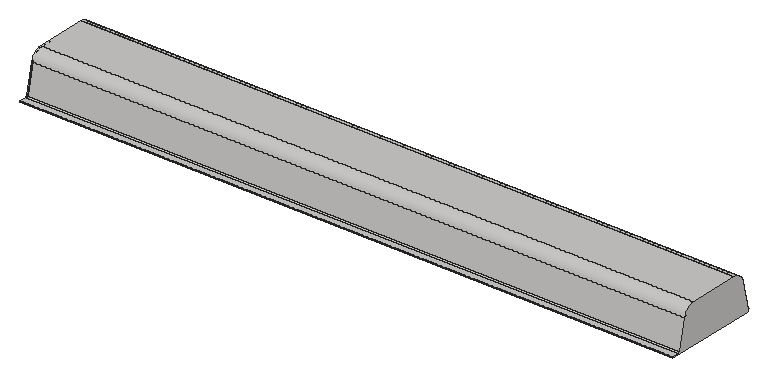
Revit family "PRD_AR_TpsAndWtrSpplOtltFttngs_FittingUnit_AQFU0216-AQFU0220 2", category Plumbing Fixtures, host Face, Revit 2023
Family settings
  Host = Face
  Round Connector Dimension = Use Diameter
  Part Type = Normal
  OmniClass Number = 23.45.55.11
  OmniClass Title = Sanitary Components
  Enable Cutting in Views = No
  Cut with Voids When Loaded = No
  Maintain Annotation Orientation = No
  Shared = No
  Room Calculation Point = No
Parameters (values of type "AQFU0216")
  Width = 1200.00 mm
  WashPlaceWidth = "600 mm"
  WarrantyStartDate [instance] = "1900-12-31T23:59:59"
  WarrantyGuarantorParts = "n/a"
  WarrantyGuarantorLabor = "n/a"
  WarrantyDurationUnit = "n/a"
  WarrantyDurationParts = "n/a"
  WarrantyDurationLabor = "n/a"
  WarrantyDescription = "n/a"
  Version = "1"
  Uniclass2015Version = "Products v1.38"
  Uniclass2015Title = "Taps and water supply outlet fittings"
  Uniclass2015Code = "Pr_40_20_87"
  URL = "www.kwc-professional.com"
  TypeOfMounting = "wall mounting"
  TypeOfMixing = "yes"
  Type IFC Predefined Type = "USERDEFINED"
  TagNumber [instance] = "n/a"
  SustainabilityPerformance = "n/a"
  Status = "New"
  Size = "1200 x 173 x 72 mm (W x H x D)"
  Shape = "n/a"
  SerialNumber [instance] = "n/a"
  Revision = "n/a"
  ReplacementCost = "n/a"
  Reference = "n/a"
  RearRight [instance] = not(RearLeft)  # yes
  RearLeft [instance] = no
  ProductInformation = "http://pim.kwc.com/product/2030064892/attachment/datasheet?locale=en"
  PositionOfWaterConnection = "from backside"
  OverallWidth = "1,200 mm"
  OverallHeight = "173 mm"
  OverallDepth = "72 mm"
  OutletSize = 15.0 mm
  NumberOfWashPlaces = "2"
  NominalWidth = 1200.00 mm
  NominalHeight = 173.00 mm
  NominalDepth = 72.00 mm
  Name = "Fitting unit for wall mounting AQFU0216"
  NBSTypeID = "n/a"
  NBSReference = "n/a"
  NBSOfficeMasterTag = "n/a"
  NBSNote = "n/a"
  NBSDescription = "n/a"
  NBSCertification = "n/a"
  ModelReference = "AQFU0216"
  ModelNumber = "2030064892"
  Model = ModelReference  # "AQFU0216"
  Material = "stainless steel"
  ManufacturerURL = "www.kwc-professional.com"
  ManufacturerName = "KWC Group Management AG"  # constant formula
  Manufacturer = ManufacturerName  # "KWC Group Management AG"
  InletSize = "G 3/4"
  HygieneFlushing = "no"
  HalfWidth = Width / 2  # 600.00 mm
  FlowHotWater = 0.0 L/s
  FlowColdWater = 0.0 L/s
  InletConversionSize = 20.0 mm
  InstallationDate [instance] = "1900-12-31T23:59:59"
  IfcExportType = "USERDEFINED"
  IfcExportAs = "IfcDistributionChamberElement"
  Grade = "n/a"
  Fitting = "separately"
  Finish = "satin finished"
  Features = "With 2 wash places, housing width 1200 mm. Wash place width 600 mm."
  Export Type to IFC As = "IfcDistributionChamberElementType"
  ExpectedLife = "n/a"
  DurationUnit = "n/a"
  Description = "Fitting unit ready for connection with 2 wash places, for wall mounting, for connection to hot and cold water from right or left at rear. Housing made of stainless steel, satin finished with pre-assembled fitting connection blocks and connection options for power supply to electronic fittings, stainless steel piping, hanging rail and mounting materials."
  Default Elevation = 1050.00 mm
  CreatedOn = "12/2025"  # constant formula
  Constituents = "n/a"
  ConnectorsOffset [instance] = if(RearRight, 70.00 mm, Width - 70.00 mm)  # 70.00 mm
  Color = "n/a"
  CodePerformance = "n/a"
  Circulation = "no"
  Category = "Pr_40_20_87, Taps and water supply outlet fittings"
  BodyMaterial = PRD_AR_StainlessSteel_SatinFinished
  BarCode [instance] = "n/a"
  BIMObjectName = "PRD_AR_TapsAndWaterSupplyOutletFittings_FittingUnit_AQFU0216"
  Author = "Archispace"  # constant formula
  AssetType = "Fixed"
  AssetIdentifier [instance] = "n/a"
  AccessibilityPerformance = "n/a"
Types (5, lengths in mm): name | Width | Size | ProductInformation | OverallWidth | NumberOfWashPlaces | NominalWidth | Name | ModelReference | ModelNumber | Model | HalfWidth | Features | Description | BIMObjectName
  AQFU0216 | 1200.00 | "1200 x 173 x 72 mm (W x H x D)" | "http://pim.kwc.com/product/2030064892/attachment/datasheet?locale=en" | "1,200 mm" | "2" | 1200.00 | "Fitting unit for wall mounting AQFU0216" | "AQFU0216" | "2030064892" | "AQFU0216" | 600.00 | "With 2 wash places, housing width 1200 mm. Wash place width 600 mm." | "Fitting unit ready for connection with 2 wash places, for wall mounting, for connection to hot and cold water from right or left at rear. Housing made of stainless steel, satin finished with pre-assembled fitting connection blocks and connection options for power supply to electronic fittings, stainless steel piping, hanging rail and mounting materials." | "PRD_AR_TapsAndWaterSupplyOutletFittings_FittingUnit_AQFU0216"
  AQFU0217 | 1800.00 | "1800 x 173 x 72 mm (W x H x D)" | "http://pim.kwc.com/product/2030064895/attachment/datasheet?locale=en" | "1,800 mm" | "3" | 1800.00 | "Fitting unit for wall mounting AQFU0217" | "AQFU0217" | "2030064895" | "AQFU0217" | 900.00 | "With 3 wash places, housing width 1800 mm. Wash place width 600 mm." | "Fitting unit ready for connection with 3 wash places, for wall mounting, for connection to hot and cold water from right or left at rear. Housing made of stainless steel, satin finished with pre-assembled fitting connection blocks and connection options for power supply to electronic fittings, stainless steel piping, hanging rail and mounting materials." | "PRD_AR_TapsAndWaterSupplyOutletFittings_FittingUnit_AQFU0217"
  AQFU0218 | 2400.00 | "2400 x 173 x 72 mm (W x H x D)" | "http://pim.kwc.com/product/2030064897/attachment/datasheet?locale=en" | "2,400 mm" | "4" | 2400.00 | "Fitting unit for wall mounting AQFU0218" | "AQFU0218" | "2030064897" | "AQFU0218" | 1200.00 | "With 4 wash places, housing width 2400 mm. Wash place width 600 mm." | "Fitting unit ready for connection with 4 wash places, for wall mounting, for connection to hot and cold water from right or left at rear. Housing made of stainless steel, satin finished with pre-assembled fitting connection blocks and connection options for power supply to electronic fittings, stainless steel piping, hanging rail and mounting materials." | "PRD_AR_TapsAndWaterSupplyOutletFittings_FittingUnit_AQFU0218"
  AQFU0219 | 3000.00 | "3000 x 173 x 72 mm (W x H x D)" | "http://pim.kwc.com/product/2030064898/attachment/datasheet?locale=en" | "3,000 mm" | "5" | 3000.00 | "Fitting unit for wall mounting AQFU0219" | "AQFU0219" | "2030064898" | "AQFU0219" | 1500.00 | "With 5 wash places, housing width 3000 mm. Wash place width 600 mm." | "Fitting unit ready for connection with 5 wash places, for wall mounting, for connection to hot and cold water from right or left at rear. Housing made of stainless steel, satin finished with pre-assembled fitting connection blocks and connection options for power supply to electronic fittings, stainless steel piping, hanging rail and mounting materials." | "PRD_AR_TapsAndWaterSupplyOutletFittings_FittingUnit_AQFU0219"
  AQFU0220 | 3600.00 | "3600 x 173 x 72 mm (W x H x D)" | "http://pim.kwc.com/product/2030064899/attachment/datasheet?locale=en" | "3,600 mm" | "6" | 3600.00 | "Fitting unit for wall mounting AQFU0220" | "AQFU0220" | "2030064899" | "AQFU0220" | 1800.00 | "With 6 wash places, housing width 3600 mm. Wash place width 600 mm." | "Fitting unit ready for connection with 6 wash places, for wall mounting, for connection to hot and cold water from right or left at rear. Housing made of stainless steel, satin finished with pre-assembled fitting connection blocks and connection options for power supply to electronic fittings, stainless steel piping, hanging rail and mounting materials." | "PRD_AR_TapsAndWaterSupplyOutletFittings_FittingUnit_AQFU0220"
Reference planes
  plane 1 "Center (Front/Back)": y = 0
  plane 2: z = 0
  plane 3 "Center (Left/Right)": x = 0
  plane 4: x = -530
  plane 5: x = -600
  plane 6: z = 35
Forms (mm)
  Sweep 1, solid, not visible
    path origin (0, 0, 0) x (1, 0, 0) y (0, 1, 0)
      loop
        line (0, 0) -> (-530, 0)
    profile origin (-265, 0, 0) x (0, -1, 0) y (0, 0, 1)
      loop
        circle (-34, 35) r 1
      loop
        circle (34, 35) r 1
Dimensions and locks
  "HalfWidth": plane 5 to plane 3 "Center (Left/Right)"
  "ConnectorsOffset": plane 5 to plane 4
  aligned and locked: host face to plane 2
  aligned and locked: host face to level
  aligned and locked: level to nested 1
  aligned and locked: plane 3 "Center (Left/Right)" to nested 1
  aligned and locked: plane 4 to Sweep 1 sketch curve
  aligned and locked: plane 3 "Center (Left/Right)" to Sweep 1 sketch curve
Automatic sketch dimensions
  host sketch curve to host sketch curve = 4000.00 mm
  host sketch curve to host sketch curve = 400.00 mm
  plane 1 "Center (Front/Back)" to Sweep 1 sketch curve = 0.00 mm
  profile plane to Sweep 1 sketch curve = 34.00 mm
  Sweep 1 sketch curve to profile plane = 34.00 mm
  level to Sweep 1 sketch curve = 35.00 mm  (x2)
  radius of Sweep 1 sketch curve = 1.00 mm  (x2)
Nested families
  nested 1: "AQFU02" at (0, 0, 0) x (1, 0, 0) z (0, 1, 0), type "AQFU02"
    with X 300.00 mm, Width 1200.00 mm, BasicWidth 1200.00 mm
Connectors
  piping at (-530, 34, 35), diameter 20, driven by "InletConversionSize", driven by "FlowHotWater", driven by "InletSize"
    settings: on Sweep 1, index 1, connector inside diameter 609.6 mm, connector length 0.00 mm, flow factor 0, pipe flow 0.0 L/s, pressure drop 0.0 Pa, fitting loss kfactor 0, connector angle 0.00°, fixture units 0, engagement length 0.00 mm, angle of deflection 0.00°, flow configuration 0, flow direction 1, fitting loss method 0, system type 19, joint type 0, gender type 0, connector reference index -1, connector utility 0, adjustable connector no, is connector primary yes, connector description "G 3/4"
  piping at (-530, -34, 35), diameter 20, driven by "InletConversionSize", driven by "FlowColdWater", driven by "InletSize"
    settings: on Sweep 1, index 2, connector inside diameter 609.6 mm, connector length 0.00 mm, flow factor 0, pipe flow 0.0 L/s, pressure drop 0.0 Pa, fitting loss kfactor 0, connector angle 0.00°, fixture units 0, engagement length 0.00 mm, angle of deflection 0.00°, flow configuration 0, flow direction 1, fitting loss method 0, system type 20, joint type 0, gender type 0, connector reference index -1, connector utility 0, adjustable connector no, is connector primary no, connector description "G 3/4"
Definition of nested family "AQFU02"
  Parameters (values of type "AQFU02")
    Z = if([6 connections], X, 100.00 mm)  # 100.00 mm
    X = BasicWidth / 4  # 400.00 mm
    Width = 1600.00 mm
    W = if([4 connections], X, if([5 connections], X * 2, if([6 connections], X * 3, 100.00 mm)))  # 100.00 mm
    Right = yes
    L = if(Right, 225.00 mm, 39.00 mm)  # 225.00 mm
    Left = no
    R = if(Left, 225.00 mm, 39.00 mm)  # 39.00 mm
    Default Elevation = 1219.20 mm
    D = 14.00 mm
    BasicWidth = 1600.00 mm
    6 connections = Width = BasicWidth + 8 * X  # no
    5 connections = Width = BasicWidth + 6 * X  # no
    4 and 5 and 6 connections = Width > BasicWidth + 2 * X  # no
    3 and 5 connections = or(Width = BasicWidth + 2 * X, Width = BasicWidth + 6 * X)  # no
    2 connections = Width = BasicWidth  # yes
    3 connections = Width = BasicWidth + 2 * X  # no
    BodyMaterial = none
    4 connections = Width = BasicWidth + 4 * X  # no
  Reference planes
    plane 1 "Center (Front/Back)": y = 0
    plane 2: z = 0
    plane 3 "Center (Left/Right)": x = 0
    plane 4: x = -800
    plane 5: x = -798.5
    plane 6: x = -400
    plane 7: x = 400
    plane 8: x = 798.5
    plane 9: x = 800
    plane 10: x = -770.5
    plane 11: x = 770.5
    plane 12: y = -85.5
    plane 13: y = -71.5
    plane 14: y = -70
    plane 15: z = -18
    plane 16: z = 18
    plane 17: x = -100
    plane 18: x = 100
    plane 19: x = -100
    plane 20: x = 100
    plane 21: x = -625
    plane 22: x = 439
    plane 23: x = -525
    plane 24: x = 525
    plane 25: x = -640
    plane 26: x = 454
  Forms (mm)
    Sweep 1, solid, material <- "BodyMaterial", detail levels fine
      path origin (0, 0, 0) x (1, 0, 0) y (0, 0, 1)
        loop
          line (-800, 0) -> (800, 0)
      profile origin (0, 0, 0) x (0, 0, 1) y (0, -1, 0)
        loop
          arc (75, 0) -> (78.14, 1.522) -> (78.89, 4.931) r 4
          line (78.89, 4.931) -> (66.91, 55.003)
          arc (66.91, 55.003) -> (59.317, 66.879) -> (46, 71.5) r 21.5
          line (46, 71.5) -> (-45.98, 71.5)
          arc (-45.98, 71.5) -> (-59.464, 66.753) -> (-67.001, 54.606) r 21.525
          line (-67.001, 54.606) -> (-78.268, 3.462)
          arc (-78.268, 3.462) -> (-79.143, 2.051) -> (-80.709, 1.5) r 2.5
          line (-80.709, 1.5) -> (-93.5, 1.5) -> (-93.5, 0) -> (75, 0)
    Sweep 2, void
      path origin (0, 0, 0) x (1, 0, 0) y (0, 0, 1)
        loop
          line (-798.5, 0) -> (798.5, 0)
      profile origin (0, 0, 0) x (0, 0, 1) y (0, -1, 0)
        loop
          arc (75, 1.5) -> (76.963, 2.452) -> (77.431, 4.582) r 2.5
          line (77.431, 4.582) -> (65.451, 54.654)
          arc (65.451, 54.654) -> (58.388, 65.702) -> (46, 70) r 20
          line (46, 70) -> (-45.98, 70)
          arc (-45.98, 70) -> (-58.524, 65.584) -> (-65.536, 54.283) r 20.025
          line (-65.536, 54.283) -> (-77.164, 1.5) -> (75, 1.5)
    Sweep 3, void
      path origin (0, 0, 0) x (1, 0, 0) y (0, 0, 1)
        loop
          line (-770.5, 0) -> (770.5, 0)
      profile origin (0, 0, 0) x (0, 0, 1) y (0, -1, 0)
        loop
          line (64.5, 1.5) -> (-77.164, 1.5) -> (-77.494, 0) -> (64.5, 0) -> (64.5, 1.5)
    Sweep 4, solid
      path origin (0, 0, 0) x (1, 0, 0) y (0, 0, 1)
        loop
          line (-625, 0) -> (439, 0)
      profile origin (-93, 0, 0) x (0, 0, 1) y (0, -1, 0)
        loop
          circle (34, 35) r 34
    Sweep 5, solid
      path origin (0, 0, 0) x (1, 0, 0) y (0, 0, 1)
        loop
          line (-625, 0) -> (439, 0)
      profile origin (-93, 0, 0) x (0, 0, 1) y (0, -1, 0)
        loop
          circle (-34, 35) r 34
    Sweep 6, solid, material <- "BodyMaterial", detail levels fine
      path origin (0, 0, 0) x (1, 0, 0) y (0, 0, 1)
        loop
          line (-525, 0) -> (525, 0)
      profile origin (0, 0, 0) x (0, 0, 1) y (0, -1, 0)
        loop
          line (60.193, 0) -> (72.352, 4.426) -> (71.839, 5.835) -> (59.928, 1.5) -> (33, 1.5) -> (33, 0) -> (60.193, 0)
    Sweep 7, solid, visible <- "Right"
      path origin (0, 0, 0) x (1, 0, 0) y (0, 0, 1)
        loop
          line (-640, 0) -> (-625, 0)
      profile origin (-632.5, 0, 0) x (0, 0, 1) y (0, -1, 0)
        loop
          line (-42.66, 50) -> (-51.321, 35) -> (-42.66, 20) -> (-25.34, 20) -> (-16.679, 35) -> (-25.34, 50) -> (-42.66, 50)
        loop
          line (25.34, 50) -> (16.679, 35) -> (25.34, 20) -> (42.66, 20) -> (51.321, 35) -> (42.66, 50) -> (25.34, 50)
        loop
          circle (34, 35) r 13
        loop
          circle (-34, 35) r 13
    Sweep 8, solid, visible <- "Left"
      path origin (1240, 0, 0) x (1, 0, 0) y (0, 0, 1)
        loop
          line (-801, 0) -> (-786, 0)
      profile origin (446.5, 0, 0) x (0, 0, 1) y (0, -1, 0)
        loop
          line (-42.66, 50) -> (-51.321, 35) -> (-42.66, 20) -> (-25.34, 20) -> (-16.679, 35) -> (-25.34, 50) -> (-42.66, 50)
        loop
          line (25.34, 50) -> (16.679, 35) -> (25.34, 20) -> (42.66, 20) -> (51.321, 35) -> (42.66, 50) -> (25.34, 50)
        loop
          circle (34, 35) r 13
        loop
          circle (-34, 35) r 13
    Sweep 9, solid, material <- "BodyMaterial", detail levels medium
      path origin (0, 0, 0) x (1, 0, 0) y (0, 0, 1)
        loop
          line (-800, 0) -> (800, 0)
      profile origin (0, 0, 0) x (0, 0, 1) y (0, -1, 0)
        loop
          line (80.07, 0) -> (62.963, 71.5) -> (-63.279, 71.5) -> (-78.7, 1.5) -> (-93.5, 1.5) -> (-93.5, 0) -> (80.07, 0)
    Sweep 10, void
      path origin (0, 0, 0) x (1, 0, 0) y (0, 0, 1)
        loop
          line (-798.5, 0) -> (798.5, 0)
      profile origin (0, 0, 0) x (0, 0, 1) y (0, -1, 0)
        loop
          line (-77.494, 0) -> (78.528, 0) -> (61.779, 70) -> (-62.074, 70) -> (-77.494, 0)
    Sweep 11, solid, material <- "BodyMaterial", detail levels coarse
      path origin (0, 0, 0) x (1, 0, 0) y (0, 0, 1)
        loop
          line (-800, 0) -> (800, 0)
      profile origin (0, 0, 0) x (0, 0, 1) y (0, -1, 0)
        loop
          line (80.07, 0) -> (80.07, 71.5) -> (-93.5, 71.5) -> (-93.5, 0) -> (80.07, 0)
  Cuts and joins
    Sweep 2, Sweep 3 cuts Sweep 1
    Sweep 10 cuts Sweep 9
    Sweep 10 cuts Sweep 11
  Lines and regions (mm)
    model lines
      curve 1: circle (-400, -71.5, 0) r 7 normal (0, -1, 0)
      curve 2: line (-400, -71.5, 7) -> (-400, -71.5, -7)
      curve 3: line (-407, -71.5, 0) -> (-393, -71.5, 0)
      curve 4: circle (400, -71.5, 0) r 7 normal (0, 1, 0)
      curve 5: line (400, -71.5, 7) -> (400, -71.5, -7)
      curve 6: line (407, -71.5, 0) -> (393, -71.5, 0)
      curve 22: circle (-400, -71.5, 18) r 7.5 normal (0, -1, 0)
      curve 23: circle (400, -71.5, 18) r 7.5 normal (0, 1, 0)
      curve 29: circle (-400, -71.5, -18) r 7.5 normal (0, -1, 0)
      curve 30: circle (400, -71.5, -18) r 7.5 normal (0, 1, 0)
    model lines, visible <- "3 and 5 connections"
      curve 7: circle (0, -71.5, 0) r 7 normal (0, -1, 0)
      curve 8: line (0, -71.5, 7) -> (0, -71.5, -7)
      curve 9: line (-7, -71.5, 0) -> (7, -71.5, 0)
      curve 24: circle (0, -71.5, 18) r 7.5 normal (0, -1, 0)
      curve 31: circle (0, -71.5, -18) r 7.5 normal (0, -1, 0)
    model lines, visible <- "4 and 5 and 6 connections"
      curve 10: circle (-100, -71.5, 0) r 7 normal (0, -1, 0)
      curve 11: line (-100, -71.5, 7) -> (-100, -71.5, -7)
      curve 12: line (-107, -71.5, 0) -> (-93, -71.5, 0)
      curve 13: circle (100, -71.5, 0) r 7 normal (0, -1, 0)
      curve 14: line (100, -71.5, 7) -> (100, -71.5, -7)
      curve 15: line (93, -71.5, 0) -> (107, -71.5, 0)
      curve 25: circle (-100, -71.5, 18) r 7.5 normal (0, -1, 0)
      curve 26: circle (100, -71.5, 18) r 7.5 normal (0, -1, 0)
      curve 32: circle (-100, -71.5, -18) r 7.5 normal (0, -1, 0)
      curve 33: circle (100, -71.5, -18) r 7.5 normal (0, -1, 0)
    model lines, visible <- "6 connections"
      curve 16: circle (-100, -71.5, 0) r 7 normal (0, -1, 0)
      curve 17: line (-100, -71.5, 7) -> (-100, -71.5, -7)
      curve 18: line (-107, -71.5, 0) -> (-93, -71.5, 0)
      curve 19: circle (100, -71.5, 0) r 7 normal (0, -1, 0)
      curve 20: line (100, -71.5, 7) -> (100, -71.5, -7)
      curve 21: line (93, -71.5, 0) -> (107, -71.5, 0)
      curve 27: circle (-100, -71.5, 18) r 7.5 normal (0, -1, 0)
      curve 28: circle (100, -71.5, 18) r 7.5 normal (0, -1, 0)
      curve 34: circle (-100, -71.5, -18) r 7.5 normal (0, -1, 0)
      curve 35: circle (100, -71.5, -18) r 7.5 normal (0, -1, 0)
  Dimensions and locks
    equal spacing: plane 4, plane 3 "Center (Left/Right)", plane 9
    "Width": plane 4 to plane 9
    "X": plane 4 to plane 6
    "X": plane 7 to plane 9
    locked: plane 4 to plane 5 at 1.5
    locked: plane 8 to plane 9 at 1.5
    locked: plane 4 to plane 10 at 29.5
    locked: plane 11 to plane 9 at 29.5
    locked: plane 13 to plane 1 "Center (Front/Back)" at 71.5
    locked: plane 13 to plane 12 at 14
    locked: plane 14 to plane 13 at 1.5
    "W": plane 17 to plane 3 "Center (Left/Right)"
    "W": plane 18 to plane 3 "Center (Left/Right)"
    "Z": plane 3 "Center (Left/Right)" to plane 19
    "Z": plane 20 to plane 3 "Center (Left/Right)"
    locked: plane 21 to plane 25 at 15
    locked: plane 26 to plane 22 at 15
    "R": plane 7 to plane 22
    "L": plane 21 to plane 6
    locked: plane 6 to plane 23 at 125
    locked: plane 7 to plane 24 at 125
    "D": diameter of curve 1
    "D": diameter of curve 16
    "D": diameter of curve 10
    "D": diameter of curve 7
    "D": diameter of curve 19
    "D": diameter of curve 13
    "D": diameter of curve 4
    aligned and locked: level to plane 2
    aligned and locked: plane 4 to Sweep 1 sketch curve
    aligned and locked: plane 9 to Sweep 1 sketch curve
    aligned and locked: Sweep 1 sketch curve to level
    aligned and locked: plane 5 to Sweep 2 sketch curve
    aligned and locked: plane 8 to Sweep 2 sketch curve
    aligned and locked: Sweep 3 sketch curve to plane 1 "Center (Front/Back)"
    aligned and locked: plane 10 to Sweep 3 sketch curve
    aligned and locked: plane 11 to Sweep 3 sketch curve
    aligned and locked: plane 21 to Sweep 4 sketch curve
    aligned and locked: plane 22 to Sweep 4 sketch curve
    aligned and locked: Sweep 4 sketch curve to level
    aligned and locked: plane 21 to Sweep 5 sketch curve
    aligned and locked: plane 22 to Sweep 5 sketch curve
    aligned and locked: Sweep 5 sketch curve to level
    aligned and locked: plane 23 to Sweep 6 sketch curve
    aligned and locked: plane 24 to Sweep 6 sketch curve
    aligned and locked: Sweep 6 sketch curve to level
    aligned and locked: plane 21 to Sweep 7 sketch curve
    aligned and locked: plane 25 to Sweep 7 sketch curve
    aligned and locked: Sweep 7 sketch curve to level
    aligned and locked: plane 26 to Sweep 8 sketch curve
    aligned and locked: plane 22 to Sweep 8 sketch curve
    aligned and locked: plane 4 to Sweep 9 sketch curve
    aligned and locked: Sweep 9 sketch curve to level
    aligned and locked: plane 9 to Sweep 9 sketch curve
    aligned and locked: Sweep 10 sketch curve to level
    aligned and locked: plane 8 to Sweep 10 sketch curve
    aligned and locked: plane 5 to Sweep 10 sketch curve
    aligned and locked: plane 4 to Sweep 11 sketch curve
    aligned and locked: plane 9 to Sweep 11 sketch curve
    aligned and locked: Sweep 11 sketch curve to level
    aligned and locked: Sweep 11 sketch curve to plane 1 "Center (Front/Back)"
    aligned and locked: Sweep 11 sketch curve to plane 13
    aligned and locked: plane 6 to curve 1
    aligned and locked: level to curve 1
    aligned and locked: plane 7 to curve 5
    aligned and locked: level to curve 6
    aligned and locked: plane 7 to curve 4
    aligned and locked: level to curve 4
    aligned and locked: curve 8 to plane 3 "Center (Left/Right)"
    aligned and locked: curve 9 to level
    aligned and locked: level to curve 7
    aligned and locked: plane 3 "Center (Left/Right)" to curve 7
    aligned and locked: plane 17 to curve 11
    aligned and locked: curve 12 to level
    aligned and locked: plane 17 to curve 10
    aligned and locked: curve 14 to plane 18
    aligned and locked: curve 15 to level
    aligned and locked: plane 18 to curve 13
    aligned and locked: plane 19 to curve 16
    aligned and locked: plane 19 to curve 17
    aligned and locked: level to curve 16
    aligned and locked: curve 18 to level
    aligned and locked: level to curve 19
    aligned and locked: plane 20 to curve 19
    aligned and locked: curve 20 to plane 20
    aligned and locked: curve 21 to level
    aligned and locked: plane 6 to curve 22
    aligned and locked: plane 6 to curve 29
    aligned and locked: plane 19 to curve 27
    aligned and locked: plane 19 to curve 34
    aligned and locked: plane 3 "Center (Left/Right)" to curve 24
    aligned and locked: plane 3 "Center (Left/Right)" to curve 31
    aligned and locked: plane 20 to curve 28
    aligned and locked: plane 20 to curve 35
    aligned and locked: plane 7 to curve 23
    aligned and locked: plane 7 to curve 30
    aligned and locked: plane 17 to curve 25
    aligned and locked: plane 17 to curve 32
    aligned and locked: plane 18 to curve 33
    aligned and locked: plane 18 to curve 26
  Automatic sketch dimensions
    Sweep 1 sketch curve to plane 1 "Center (Front/Back)" = 0.00 mm
    profile plane to Sweep 1 sketch curve = 93.50 mm
    plane 1 "Center (Front/Back)" to Sweep 1 sketch curve = 4.00 mm
    Sweep 1 sketch curve to Sweep 1 sketch curve = 12.791 mm
    plane 1 "Center (Front/Back)" to Sweep 1 sketch curve = 3.462 mm
    Sweep 1 sketch curve to Sweep 1 sketch curve = 2.441 mm
    Sweep 1 sketch curve to Sweep 1 sketch curve = 11.267 mm
    Sweep 1 sketch curve to Sweep 1 sketch curve = 21.021 mm
    Sweep 1 sketch curve to profile plane = 46.00 mm
    Sweep 1 sketch curve to Sweep 1 sketch curve = 20.91 mm
    Sweep 1 sketch curve to Sweep 1 sketch curve = 8.09 mm
    plane 1 "Center (Front/Back)" to Sweep 1 sketch curve = 4.931 mm
    Sweep 1 sketch curve to Sweep 1 sketch curve = 3.89 mm
    plane 1 "Center (Front/Back)" to Sweep 1 sketch curve = 49.975 mm
    plane 1 "Center (Front/Back)" to Sweep 1 sketch curve = 50.00 mm
    Sweep 1 sketch curve to Sweep 1 sketch curve = 4.631 mm
    Sweep 2 sketch curve to level = 0.00 mm
    profile plane to Sweep 2 sketch curve = 1.50 mm
    profile plane to Sweep 2 sketch curve = 77.164 mm
    Sweep 2 sketch curve to Sweep 2 sketch curve = 11.628 mm
    Sweep 2 sketch curve to Sweep 2 sketch curve = 19.556 mm
    Sweep 2 sketch curve to profile plane = 46.00 mm
    Sweep 2 sketch curve to Sweep 2 sketch curve = 19.451 mm
    profile plane to Sweep 2 sketch curve = 4.00 mm
    Sweep 2 sketch curve to Sweep 2 sketch curve = 9.549 mm
    profile plane to Sweep 2 sketch curve = 4.582 mm
    profile plane to Sweep 2 sketch curve = 49.975 mm
    profile plane to Sweep 2 sketch curve = 50.00 mm
    Sweep 2 sketch curve to Sweep 2 sketch curve = 4.308 mm
    Sweep 3 sketch curve to level = 0.00 mm
    profile plane to Sweep 3 sketch curve = 77.494 mm
    profile plane to Sweep 3 sketch curve = 1.50 mm
    Sweep 3 sketch curve to Sweep 3 sketch curve = 0.33 mm
    Sweep 3 sketch curve to profile plane = 64.50 mm
    Sweep 4 sketch curve to profile plane = 34.00 mm
    plane 1 "Center (Front/Back)" to Sweep 4 sketch curve = 35.00 mm
    profile plane to Sweep 5 sketch curve = 34.00 mm
    plane 1 "Center (Front/Back)" to Sweep 5 sketch curve = 35.00 mm
    Sweep 6 sketch curve to plane 1 "Center (Front/Back)" = 0.00 mm
    Sweep 6 sketch curve to profile plane = 33.00 mm
    plane 1 "Center (Front/Back)" to Sweep 6 sketch curve = 1.50 mm
    Sweep 6 sketch curve to Sweep 6 sketch curve = 26.928 mm
    Sweep 6 sketch curve to Sweep 6 sketch curve = 0.264 mm
    plane 1 "Center (Front/Back)" to Sweep 6 sketch curve = 5.835 mm
    Sweep 6 sketch curve to Sweep 6 sketch curve = 11.911 mm
    profile plane to Sweep 7 sketch curve = 51.321 mm
    plane 1 "Center (Front/Back)" to Sweep 7 sketch curve = 20.00 mm  (x2)
    Sweep 7 sketch curve to Sweep 7 sketch curve = 8.66 mm  (x8)
    Sweep 7 sketch curve to Sweep 7 sketch curve = 17.321 mm  (x3)
    profile plane to Sweep 7 sketch curve = 16.679 mm
    Sweep 7 sketch curve to profile plane = 16.679 mm
    Sweep 7 sketch curve to Sweep 7 sketch curve = 15.00 mm  (x6)
    Sweep 7 sketch curve to Sweep 7 sketch curve = 0.00 mm  (x2)
    Sweep 8 sketch curve to level = 0.00 mm
    profile plane to Sweep 8 sketch curve = 51.321 mm
    plane 1 "Center (Front/Back)" to Sweep 8 sketch curve = 20.00 mm  (x2)
    Sweep 8 sketch curve to Sweep 8 sketch curve = 8.66 mm  (x6)
    Sweep 8 sketch curve to Sweep 8 sketch curve = 17.321 mm  (x5)
    profile plane to Sweep 8 sketch curve = 16.679 mm
    Sweep 8 sketch curve to profile plane = 16.679 mm
    Sweep 8 sketch curve to Sweep 8 sketch curve = 15.00 mm  (x7)
    Sweep 8 sketch curve to Sweep 8 sketch curve = 0.00 mm
    Sweep 9 sketch curve to profile plane = 0.00 mm
    profile plane to Sweep 9 sketch curve = 93.50 mm
    profile plane to Sweep 9 sketch curve = 1.50 mm
    Sweep 9 sketch curve to Sweep 9 sketch curve = 14.80 mm
    Sweep 9 sketch curve to Sweep 9 sketch curve = 15.421 mm
    Sweep 10 sketch curve to profile plane = 0.00 mm
    profile plane to Sweep 10 sketch curve = 77.494 mm
    Sweep 10 sketch curve to Sweep 10 sketch curve = 15.421 mm
    Sweep 10 sketch curve to Sweep 10 sketch curve = 16.748 mm
    profile plane to Sweep 11 sketch curve = 93.50 mm
    Sweep 11 sketch curve to profile plane = 80.07 mm
    Sweep 9 sketch curve to profile plane = 62.963 mm
    Sweep 9 sketch curve to Sweep 9 sketch curve = 17.107 mm
    profile plane to Sweep 9 sketch curve = 71.50 mm
    Sweep 10 sketch curve to profile plane = 61.779 mm
    profile plane to Sweep 10 sketch curve = 70.00 mm
    curve 10 to curve 16 = 0.00 mm
    curve 13 to curve 19 = 0.00 mm
    curve 25 to curve 27 = 0.00 mm
    curve 26 to curve 28 = 0.00 mm
    curve 32 to curve 34 = 0.00 mm
    curve 33 to curve 35 = 0.00 mm
    plane 6 to curve 2 = 0.00 mm
    curve 35 to plane 15 = 0.00 mm
    curve 34 to plane 15 = 0.00 mm
    curve 29 to plane 15 = 0.00 mm
    curve 30 to plane 15 = 0.00 mm
    curve 31 to plane 15 = 0.00 mm
    curve 3 to level = 0.00 mm
    curve 26 to plane 16 = 0.00 mm
    curve 25 to plane 16 = 0.00 mm
    curve 24 to plane 16 = 0.00 mm
    curve 23 to plane 16 = 0.00 mm
    curve 22 to plane 16 = 0.00 mm
    radius of Sweep 4 sketch curve = 34.00 mm
    radius of Sweep 5 sketch curve = 34.00 mm
    radius of Sweep 7 sketch curve = 13.00 mm  (x2)
    radius of Sweep 8 sketch curve = 13.00 mm  (x2)
    radius of curve 22 = 7.50 mm
    radius of curve 23 = 7.50 mm
    radius of curve 24 = 7.50 mm
    radius of curve 25 = 7.50 mm
    radius of curve 26 = 7.50 mm
    radius of curve 27 = 7.50 mm
    radius of curve 28 = 7.50 mm
    radius of curve 29 = 7.50 mm
    radius of curve 30 = 7.50 mm
    radius of curve 31 = 7.50 mm
    radius of curve 32 = 7.50 mm
    radius of curve 33 = 7.50 mm
    radius of curve 34 = 7.50 mm
    radius of curve 35 = 7.50 mm
